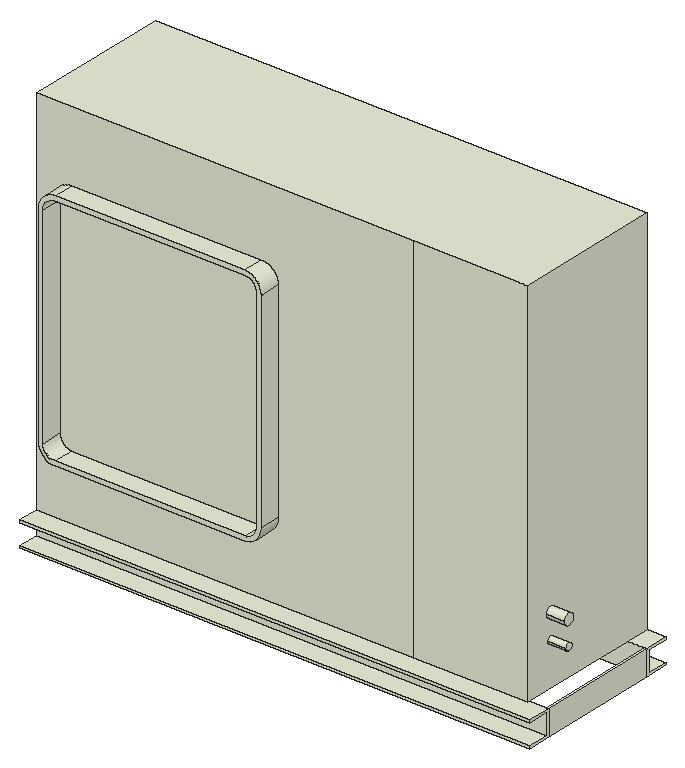
Revit family "Hydrablock 5-7-9 M", category Attrezzatura meccanica, Revit 2022
Family settings
  Quota connettore circolare = Usa diametro
  Tipo di parte = Normale
  Numero OmniClass = 23.75.00.00
  Titolo OmniClass = Climate Control (HVAC)
  Basato su piano di lavoro = No
  Sempre verticale = Sì
  Taglio con vuoti quando caricato = No
  Mantieni orientamento annotazione = No
  Condiviso = No
  Punto di calcolo locali = No
Parameters (values of type "Hydrablock 9 M")
  clearance access right = 600.000 mm
  clearance access left = 600.000 mm
  clearance access front = 1000.000 mm
  clearance access behind = 300.000 mm
  clearance [instance] = no
  Width = 1210.000 mm
  Water piping connections = 25.000 mm
  URL = "https://cac.midea.com/category/Heat-Pump-Water-Heater/M-Thermal-Mono"
  Series = "M-Thermal"
  Prospetto di default = 0.000 mm
  Power supply = "220-240V 1N~50Hz"
  Net Weight = 92.00 kg
  Modello = "MHC-V9W/D2N8"
  Minimum Circuit Amps = 14.1 A
  Min cable selection (power wiring) = "3×4 mm2"
  Produttore = "Midea"
  Machine material = Galvanized Steel
  MOP (Maximum overcurrent protection) = 20 A
  Installation = "Outdoor installation"
  Height = 945.000 mm
  Heating capacity (EWT 40⁰C, LWT 45⁰C) = 8.6 kW
  Heating capacity (EWT 30⁰C, LWT 35⁰C) = 8.6 kW
  Heating Power Input (EWT 40⁰C, LWT 45⁰C) = 2.5 kW
  Heating Power Input (EWT 30⁰C, LWT 35⁰C) = 1.87 kW
  Gas = "R32"
  Drain piping = 16.000 mm
  Descrizione = "High efficiency air cooled"
  Depth = 402.000 mm
  Cooling capacity (EWT 23⁰C, LWT 18⁰C) = 8 kW
  Cooling capacity (EWT 12⁰C, LWT 7⁰C) = 7.95 kW
  Cooling Power Input(EWT 12⁰C, LWT 7⁰C) = 3.149 kW
  Cooling Power Input (EWT 23⁰C, LWT 18⁰C) = 1.923 kW
  Condensation = "air"
  Compressor = "1"
  Casing color = "SB2014"
  Air Flow = 3050 m³/h
Types (4, lengths in mm): name | Modello | Heating capacity (EWT 40⁰C, LWT 45⁰C) | Heating capacity (EWT 30⁰C, LWT 35⁰C) | Heating Power Input (EWT 40⁰C, LWT 45⁰C) | Heating Power Input (EWT 30⁰C, LWT 35⁰C) | Cooling capacity (EWT 23⁰C, LWT 18⁰C) | Cooling capacity (EWT 12⁰C, LWT 7⁰C) | Cooling Power Input(EWT 12⁰C, LWT 7⁰C) | Cooling Power Input (EWT 23⁰C, LWT 18⁰C)
  (no name) | "MHC-V9W/D2N8" | 8.6 kW | 8.6 kW | 2.5 kW | 1.87 kW | 8 kW | 7.95 kW | 3.149 kW | 1.923 kW
  Hydrablock 5 M | "MHC-V5W/D2N8" | 4.8 kW | 4.65 kW | 1.333 kW | 0.93 kW | 4.6 kW | 4.85 kW | 1.628 kW | 0.954 kW
  Hydrablock 7 M | "MHC-V7W/D2N8" | 6.7 kW | 6.65 kW | 1.879 kW | 1.348 kW | 6.45 kW | 6.3 kW | 2.274 kW | 1.387 kW
  Hydrablock 9 M | "MHC-V9W/D2N8" | 8.6 kW | 8.6 kW | 2.5 kW | 1.87 kW | 8 kW | 7.95 kW | 3.149 kW | 1.923 kW
Reference planes
  plane 1 "中心(前/后)": y = 0
  plane 2: z = 0
  plane 3 "中心(左/右)": x = 0
  plane 4: x = 1022.405
Forms (mm)
  Extrusion 1, solid, material "Galvanized Steel" <- "Machine material", detail levels medium+fine
    sketch origin (0, 0, 0) x (1, 0, 0) y (0, 1, 0)
      loop
        line (0, 0) -> (0, -352) -> (895, -352) -> (1164.789, -352) -> (1164.789, 0) -> (0, 0)
    from 60 to 945
  Extrusion 2, solid, material "Galvanized Steel" <- "Machine material", detail levels fine
    sketch origin (0, -12.653, 0) x (0, 1, 0) y (0, 0, 1)
      loop
        circle (-274, 165) r 8
    from 1164.789 to 1210
  Extrusion 3, solid, material "Galvanized Steel" <- "Machine material", detail levels fine
    sketch origin (0, -74.653, 0) x (0, 1, 0) y (0, 0, 1)
      loop
        circle (-212, 224) r 12.5
    from 1164.789 to 1210
  Extrusion 4, solid, material "Galvanized Steel" <- "Machine material", detail levels fine
    sketch origin (1160, -352, -37) x (-1, 0, 0) y (0, 0, -1)
      loop
        arc (1075, -815) -> (1103.284, -803.284) -> (1115, -775) r 40
        line (1115, -775) -> (1115, -281)
        arc (1115, -281) -> (1103.284, -252.716) -> (1075, -241) r 40
        line (1075, -241) -> (627, -241)
        arc (627, -241) -> (598.716, -252.716) -> (587, -281) r 40
        line (587, -281) -> (587, -775)
        arc (587, -775) -> (598.716, -803.284) -> (627, -815) r 40
        line (627, -815) -> (1075, -815)
      loop
        arc (1075, -805) -> (1096.213, -796.213) -> (1105, -775) r 30
        line (1105, -775) -> (1105, -279)
        arc (1105, -279) -> (1096.799, -259.201) -> (1077, -251) r 28
        line (1077, -251) -> (627, -251)
        arc (627, -251) -> (605.849, -259.137) -> (597, -280) r 29.017
        line (597, -280) -> (597, -775)
        arc (597, -775) -> (605.787, -796.213) -> (627, -805) r 30
        line (627, -805) -> (1075, -805)
    from 0 to 50
  Extrusion 5, solid, not visible
    sketch origin (1160, -352, 0) x (-1, 0, 0) y (0, 0, -1)
      loop
        arc (1075, -815) -> (1103.284, -803.284) -> (1115, -775) r 40
        line (1115, -775) -> (1115, -281)
        arc (1115, -281) -> (1103.284, -252.716) -> (1075, -241) r 40
        line (1075, -241) -> (627, -241)
        arc (627, -241) -> (598.716, -252.716) -> (587, -281) r 40
        line (587, -281) -> (587, -775)
        arc (587, -775) -> (598.716, -803.284) -> (627, -815) r 40
        line (627, -815) -> (1075, -815)
      loop
        arc (1075, -805) -> (1096.213, -796.213) -> (1105, -775) r 30
        line (1105, -775) -> (1105, -279)
        arc (1105, -279) -> (1096.799, -259.201) -> (1077, -251) r 28
        line (1077, -251) -> (627, -251)
        arc (627, -251) -> (605.849, -259.137) -> (597, -280) r 29.017
        line (597, -280) -> (597, -775)
        arc (597, -775) -> (605.787, -796.213) -> (627, -805) r 30
        line (627, -805) -> (1075, -805)
    from 0 to 45
  Extrusion 6, solid, material "Galvanized Steel" <- "Machine material", not visible, detail levels fine
    sketch origin (1160, -352, -37) x (-1, 0, 0) y (0, 0, -1)
      loop
        arc (1075, -815) -> (1103.284, -803.284) -> (1115, -775) r 40
        line (1115, -775) -> (1115, -281)
        arc (1115, -281) -> (1103.284, -252.716) -> (1075, -241) r 40
        line (1075, -241) -> (627, -241)
        arc (627, -241) -> (598.716, -252.716) -> (587, -281) r 40
        line (587, -281) -> (587, -775)
        arc (587, -775) -> (598.716, -803.284) -> (627, -815) r 40
        line (627, -815) -> (1075, -815)
      loop
        arc (1075, -805) -> (1096.213, -796.213) -> (1105, -775) r 30
        line (1105, -775) -> (1105, -279)
        arc (1105, -279) -> (1096.799, -259.201) -> (1077, -251) r 28
        line (1077, -251) -> (627, -251)
        arc (627, -251) -> (605.849, -259.137) -> (597, -280) r 29.017
        line (597, -280) -> (597, -775)
        arc (597, -775) -> (605.787, -796.213) -> (627, -805) r 30
        line (627, -805) -> (1075, -805)
    from 0 to 51.5
Lines and regions (mm)
  model lines, detail levels fine
    curve 1: line (603, -352, 945) -> (603, -352, 70)
    curve 2: line (55, -402, 490) -> (563, -402, 490)
    curve 3: line (308, -402, 768) -> (308, -402, 214)
    curve 4: circle (308, -402, 491) r 10 normal (0, -1, 0)
    curve 5: circle (308, -402, 491) r 20 normal (0, -1, 0)
    curve 6: circle (308, -402, 491) r 30 normal (0, -1, 0)
    curve 7: circle (309, -402, 490) r 40 normal (0, -1, 0)
    curve 8: circle (308, -402, 491) r 50 normal (0, -1, 0)
    curve 9: circle (308, -402, 491) r 60 normal (0, -1, 0)
    curve 10: circle (308, -402, 491) r 70 normal (0, -1, 0)
    curve 11: circle (308, -402, 491) r 80 normal (0, -1, 0)
    curve 12: circle (308, -402, 491) r 90 normal (0, -1, 0)
    curve 13: circle (308, -402, 491) r 100 normal (0, -1, 0)
    curve 14: circle (308, -402, 491) r 110 normal (0, -1, 0)
    curve 15: circle (308, -402, 491) r 120 normal (0, -1, 0)
    curve 16: circle (308, -402, 491) r 130 normal (0, -1, 0)
    curve 17: circle (308, -402, 491) r 140 normal (0, -1, 0)
    curve 18: circle (308, -402, 491) r 150 normal (0, -1, 0)
    curve 19: circle (308, -402, 491) r 160 normal (0, -1, 0)
    curve 20: circle (308, -402, 491) r 170 normal (0, -1, 0)
    curve 21: circle (309, -402, 490) r 180 normal (0, -1, 0)
    curve 22: circle (308, -402, 491) r 190 normal (0, -1, 0)
    curve 23: circle (308, -402, 491) r 200 normal (0, -1, 0)
    curve 24: circle (308, -402, 491) r 210 normal (0, -1, 0)
    curve 25: circle (308, -402, 491) r 220 normal (0, -1, 0)
    curve 26: circle (308, -402, 491) r 230 normal (0, -1, 0)
    curve 27: circle (308, -402, 491) r 240 normal (0, -1, 0)
    curve 28: circle (308, -402, 491) r 250 normal (0, -1, 0)
    curve 29: line (83, -402, 214) -> (533, -402, 214)
    curve 30: line (563, -402, 243) -> (563, -402, 738)
    curve 31: line (533, -402, 768) -> (85, -402, 768)
    curve 32: line (55, -402, 738) -> (55, -402, 242)
    curve 33: arc (55, -402, 431.075) -> (312.698, -402, 231.042) -> (563, -402, 440.256) r 260
    curve 34: arc (55, -402, 550.925) -> (312.698, -402, 750.958) -> (563, -402, 541.744) r 260
    curve 35: arc (563, -402, 579.741) -> (310.95, -402, 760.984) -> (55, -402, 585.292) r 270
    curve 36: arc (563, -402, 606.65) -> (476.506, -402, 714.619) -> (348.878, -402, 768) r 280
    curve 37: arc (275.593, -402, 768) -> (144.488, -402, 716.574) -> (55, -402, 607.83) r 280
    curve 38: arc (348.878, -402, 214) -> (476.506, -402, 267.381) -> (563, -402, 375.35) r 280
    curve 39: arc (563, -402, 402.259) -> (310.95, -402, 221.016) -> (55, -402, 396.708) r 270
    curve 40: arc (393.855, -402, 214) -> (492.032, -402, 266.875) -> (563, -402, 352.888) r 290
    curve 41: arc (563, -402, 332.965) -> (502.423, -402, 262.527) -> (423.2, -402, 214) r 300
    curve 42: arc (447.18, -402, 214) -> (511.422, -402, 257.078) -> (563, -402, 314.719) r 310
    curve 43: arc (563, -402, 297.674) -> (519.784, -402, 251.11) -> (468.222, -402, 214) r 320
    curve 44: arc (487.363, -402, 214) -> (527.791, -402, 244.846) -> (563, -402, 281.536) r 330
    curve 45: arc (563, -402, 266.111) -> (535.575, -402, 238.394) -> (505.157, -402, 214) r 340
    curve 46: arc (521.942, -402, 214) -> (543.21, -402, 231.816) -> (563, -402, 251.261) r 350
    curve 47: arc (563, -402, 629.112) -> (492.032, -402, 715.125) -> (393.855, -402, 768) r 290
    curve 48: arc (423.2, -402, 768) -> (502.423, -402, 719.473) -> (563, -402, 649.035) r 300
    curve 49: arc (563, -402, 667.281) -> (511.422, -402, 724.922) -> (447.18, -402, 768) r 310
    curve 50: arc (563, -402, 684.326) -> (519.784, -402, 730.89) -> (468.222, -402, 768) r 320
    curve 51: arc (487.363, -402, 768) -> (527.791, -402, 737.154) -> (563, -402, 700.464) r 330
    curve 52: arc (505.157, -402, 768) -> (535.575, -402, 743.606) -> (563, -402, 715.889) r 340
    curve 53: arc (563, -402, 730.739) -> (543.21, -402, 750.184) -> (521.942, -402, 768) r 350
    curve 54: arc (222.145, -402, 768) -> (125.574, -402, 716.435) -> (55, -402, 632.743) r 290
    curve 55: arc (55, -402, 652.217) -> (115.012, -402, 720.686) -> (192.8, -402, 768) r 300
    curve 56: arc (55, -402, 670.14) -> (105.898, -402, 726.063) -> (168.82, -402, 768) r 310
    curve 57: arc (55, -402, 686.936) -> (97.451, -402, 731.975) -> (147.778, -402, 768) r 320
    curve 58: arc (55, -402, 702.875) -> (89.38, -402, 738.195) -> (128.637, -402, 768) r 330
    curve 59: arc (55, -402, 718.137) -> (81.545, -402, 744.61) -> (110.843, -402, 768) r 340
    curve 60: arc (55, -402, 732.849) -> (73.869, -402, 751.159) -> (94.058, -402, 768) r 350
    curve 61: arc (267.122, -402, 214) -> (141.398, -402, 265.958) -> (55, -402, 371.038) r 280
    curve 62: arc (55, -402, 349.257) -> (125.574, -402, 265.565) -> (222.145, -402, 214) r 290
    curve 63: arc (55, -402, 329.783) -> (115.012, -402, 261.314) -> (192.8, -402, 214) r 300
    curve 64: arc (55, -402, 311.86) -> (105.898, -402, 255.937) -> (168.82, -402, 214) r 310
    curve 65: arc (55, -402, 295.064) -> (97.451, -402, 250.025) -> (147.778, -402, 214) r 320
    curve 66: arc (55, -402, 279.125) -> (89.38, -402, 243.805) -> (128.637, -402, 214) r 330
    curve 67: arc (55, -402, 263.863) -> (81.545, -402, 237.39) -> (110.843, -402, 214) r 340
    curve 68: arc (55, -402, 249.151) -> (73.869, -402, 230.841) -> (94.058, -402, 214) r 350
    curve 69: arc (308, -402, 768) -> (169.5, -402, 629.5) -> (308, -402, 491) r 138.5
    curve 70: arc (308, -402, 491) -> (117.532, -402, 568.764) -> (168.82, -402, 768) r 156.438
    curve 71: arc (348.878, -402, 768) -> (257.458, -402, 639.975) -> (308, -402, 491) r 172.46
    curve 72: arc (308, -402, 491) -> (365.674, -402, 677.961) -> (539.779, -402, 767.224) r 251.861
    curve 73: arc (308, -402, 491) -> (433, -402, 616) -> (558, -402, 491) r 125
    curve 74: arc (308, -402, 491) -> (457.703, -402, 510.429) -> (563, -402, 402.259) r 168.671
    curve 75: arc (308, -402, 491) -> (463.817, -402, 395.324) -> (487.363, -402, 214) r 212.164
    curve 76: arc (308, -402, 491) -> (357.878, -402, 352.5) -> (308, -402, 214) r 217.229
    curve 77: arc (308, -402, 491) -> (256.677, -402, 309.52) -> (94.058, -402, 214) r 252.933
    curve 78: arc (308, -402, 491) -> (180.5, -402, 363.5) -> (53, -402, 491) r 127.5
    curve 79: line (813, -352, 326) -> (813, -352, 551)
    curve 80: line (823, -352, 551) -> (823, -352, 326)
    curve 81: line (813, -352, 551) -> (830.5, -352, 581.311)
    curve 82: line (830.5, -352, 581.311) -> (860.811, -352, 598.811)
    curve 83: line (823, -352, 551) -> (835.5, -352, 572.651)
    curve 84: line (835.5, -352, 572.651) -> (865.811, -352, 590.151)
    curve 85: line (860.811, -352, 598.811) -> (868.311, -352, 611.801)
    curve 86: line (865.811, -352, 590.151) -> (880.811, -352, 590.151)
    curve 87: line (868.311, -352, 611.801) -> (989.554, -352, 681.801)
    curve 88: line (880.811, -352, 590.151) -> (1002.054, -352, 660.151)
    curve 89: arc (989.554, -352, 681.801) -> (1006.63, -352, 677.226) -> (1002.054, -352, 660.151) r 12.5
    curve 90: line (868.311, -352, 670.103) -> (989.554, -352, 740.103)
    curve 91: line (880.811, -352, 648.452) -> (1002.054, -352, 718.452)
    curve 92: arc (989.554, -352, 740.103) -> (1006.63, -352, 735.527) -> (1002.054, -352, 718.452) r 12.5
    curve 93: arc (868.311, -352, 670.103) -> (863.736, -352, 653.027) -> (880.811, -352, 648.452) r 12.5
    curve 94: line (868.311, -352, 725.103) -> (989.554, -352, 795.103)
    curve 95: line (880.811, -352, 703.452) -> (1002.054, -352, 773.452)
    curve 96: arc (868.311, -352, 725.103) -> (863.736, -352, 708.027) -> (880.811, -352, 703.452) r 12.5
    curve 97: line (989.554, -352, 795.103) -> (1004.554, -352, 795.103)
    curve 98: line (1002.054, -352, 773.452) -> (1008.394, -352, 787.047)
    curve 99: line (1004.554, -352, 795.103) -> (1017.136, -352, 807.684)
    curve 100: line (1017.136, -352, 807.684) -> (1020.475, -352, 817.73)
    curve 101: line (1020.475, -352, 817.73) -> (1020.475, -352, 872.73)
    curve 102: line (1030.475, -352, 872.73) -> (1030.475, -352, 815.357)
    curve 103: line (1030.475, -352, 815.357) -> (1025.032, -352, 803.685)
    curve 104: line (1008.394, -352, 787.047) -> (1025.032, -352, 803.685)
    curve 105: line (70, -81.257, 945) -> (1112.384, -81.257, 945)
    curve 106: line (70, -121.257, 945) -> (70, -81.257, 945)
    curve 107: line (1112.384, -121.257, 945) -> (70, -121.257, 945)
    curve 108: line (1112.384, -81.257, 945) -> (1112.384, -121.257, 945)
    curve 109: line (70, -160.743, 945) -> (1112.384, -160.743, 945)
    curve 110: line (70, -200.743, 945) -> (70, -160.743, 945)
    curve 111: line (1112.384, -200.743, 945) -> (70, -200.743, 945)
    curve 112: line (1112.384, -160.743, 945) -> (1112.384, -200.743, 945)
    curve 113: line (70, -240.595, 945) -> (1112.384, -240.595, 945)
    curve 114: line (70, -280.595, 945) -> (70, -240.595, 945)
    curve 115: line (1112.384, -280.595, 945) -> (70, -280.595, 945)
    curve 116: line (1112.384, -240.595, 945) -> (1112.384, -280.595, 945)
    curve 194: line (0, -168, 140) -> (0, -95, 140)
    curve 195: line (0, -95, 140) -> (0, -95, 800)
    curve 196: line (0, -95, 800) -> (0, -168, 800)
    curve 197: line (0, -168, 140) -> (0, -168, 800)
    curve 198: line (0, -213, 786) -> (0, -330, 786)
    curve 199: line (0, -213, 786) -> (0, -213, 326)
    curve 200: line (0, -213, 326) -> (0, -330, 326)
    curve 201: line (0, -330, 786) -> (0, -330, 326)
    curve 291: arc (1030.475, -352, 872.73) -> (1025.475, -352, 877.73) -> (1020.475, -352, 872.73) r 5
    curve 292: arc (823, -352, 326) -> (818, -352, 321) -> (813, -352, 326) r 5
    curve 293: line (696.992, -352, 913.032) -> (1076.992, -352, 913.032)
    curve 294: line (676.992, -352, 133.032) -> (676.992, -352, 893.032)
    curve 295: line (1076.992, -352, 113.032) -> (696.992, -352, 113.032)
    curve 296: line (1096.992, -352, 893.032) -> (1096.992, -352, 133.032)
    curve 297: arc (1096.992, -352, 893.032) -> (1091.134, -352, 907.174) -> (1076.992, -352, 913.032) r 20
    curve 298: arc (676.992, -352, 893.032) -> (682.85, -352, 907.174) -> (696.992, -352, 913.032) r 20
    curve 299: arc (676.992, -352, 133.032) -> (682.85, -352, 118.89) -> (696.992, -352, 113.032) r 20
    curve 300: arc (1096.992, -352, 133.032) -> (1091.134, -352, 118.89) -> (1076.992, -352, 113.032) r 20
  model lines, not visible
    curve 117: line (55, -397, 527) -> (563, -397, 527)
    curve 118: line (308, -397, 805) -> (308, -397, 251)
    curve 119: circle (308, -397, 528) r 10 normal (0, -1, 0)
    curve 120: circle (308, -397, 528) r 20 normal (0, -1, 0)
    curve 121: circle (308, -397, 528) r 30 normal (0, -1, 0)
    curve 122: circle (309, -397, 527) r 40 normal (0, -1, 0)
    curve 123: circle (308, -397, 528) r 50 normal (0, -1, 0)
    curve 124: circle (308, -397, 528) r 60 normal (0, -1, 0)
    curve 125: circle (308, -397, 528) r 70 normal (0, -1, 0)
    curve 126: circle (308, -397, 528) r 80 normal (0, -1, 0)
    curve 127: circle (308, -397, 528) r 90 normal (0, -1, 0)
    curve 128: circle (308, -397, 528) r 100 normal (0, -1, 0)
    curve 129: circle (308, -397, 528) r 110 normal (0, -1, 0)
    curve 130: circle (308, -397, 528) r 120 normal (0, -1, 0)
    curve 131: circle (308, -397, 528) r 130 normal (0, -1, 0)
    curve 132: circle (308, -397, 528) r 140 normal (0, -1, 0)
    curve 133: circle (308, -397, 528) r 150 normal (0, -1, 0)
    curve 134: circle (308, -397, 528) r 160 normal (0, -1, 0)
    curve 135: circle (308, -397, 528) r 170 normal (0, -1, 0)
    curve 136: circle (309, -397, 527) r 180 normal (0, -1, 0)
    curve 137: circle (308, -397, 528) r 190 normal (0, -1, 0)
    curve 138: circle (308, -397, 528) r 200 normal (0, -1, 0)
    curve 139: circle (308, -397, 528) r 210 normal (0, -1, 0)
    curve 140: circle (308, -397, 528) r 220 normal (0, -1, 0)
    curve 141: circle (308, -397, 528) r 230 normal (0, -1, 0)
    curve 142: circle (308, -397, 528) r 240 normal (0, -1, 0)
    curve 143: circle (308, -397, 528) r 250 normal (0, -1, 0)
    curve 144: line (83, -397, 251) -> (533, -397, 251)
    curve 145: line (563, -397, 280) -> (563, -397, 775)
    curve 146: line (533, -397, 805) -> (85, -397, 805)
    curve 147: line (55, -397, 775) -> (55, -397, 279)
    curve 148: arc (55, -397, 468.075) -> (312.698, -397, 268.042) -> (563, -397, 477.256) r 260
    curve 149: arc (55, -397, 587.925) -> (312.698, -397, 787.958) -> (563, -397, 578.744) r 260
    curve 150: arc (563, -397, 616.741) -> (310.95, -397, 797.984) -> (55, -397, 622.292) r 270
    curve 151: arc (563, -397, 643.65) -> (476.506, -397, 751.619) -> (348.878, -397, 805) r 280
    curve 152: arc (275.593, -397, 805) -> (144.488, -397, 753.574) -> (55, -397, 644.83) r 280
    curve 153: arc (348.878, -397, 251) -> (476.506, -397, 304.381) -> (563, -397, 412.35) r 280
    curve 154: arc (563, -397, 439.259) -> (310.95, -397, 258.016) -> (55, -397, 433.708) r 270
    curve 155: arc (393.855, -397, 251) -> (492.032, -397, 303.875) -> (563, -397, 389.888) r 290
    curve 156: arc (563, -397, 369.965) -> (502.423, -397, 299.527) -> (423.2, -397, 251) r 300
    curve 157: arc (447.18, -397, 251) -> (511.422, -397, 294.078) -> (563, -397, 351.719) r 310
    curve 158: arc (563, -397, 334.674) -> (519.784, -397, 288.11) -> (468.222, -397, 251) r 320
    curve 159: arc (487.363, -397, 251) -> (527.791, -397, 281.846) -> (563, -397, 318.536) r 330
    curve 160: arc (563, -397, 303.111) -> (535.575, -397, 275.394) -> (505.157, -397, 251) r 340
    curve 161: arc (521.942, -397, 251) -> (543.21, -397, 268.816) -> (563, -397, 288.261) r 350
    curve 162: arc (563, -397, 666.112) -> (492.032, -397, 752.125) -> (393.855, -397, 805) r 290
    curve 163: arc (423.2, -397, 805) -> (502.423, -397, 756.473) -> (563, -397, 686.035) r 300
    curve 164: arc (563, -397, 704.281) -> (511.422, -397, 761.922) -> (447.18, -397, 805) r 310
    curve 165: arc (563, -397, 721.326) -> (519.784, -397, 767.89) -> (468.222, -397, 805) r 320
    curve 166: arc (487.363, -397, 805) -> (527.791, -397, 774.154) -> (563, -397, 737.464) r 330
    curve 167: arc (505.157, -397, 805) -> (535.575, -397, 780.606) -> (563, -397, 752.889) r 340
    curve 168: arc (563, -397, 767.739) -> (543.21, -397, 787.184) -> (521.942, -397, 805) r 350
    curve 169: arc (222.145, -397, 805) -> (125.574, -397, 753.435) -> (55, -397, 669.743) r 290
    curve 170: arc (55, -397, 689.217) -> (115.012, -397, 757.686) -> (192.8, -397, 805) r 300
    curve 171: arc (55, -397, 707.14) -> (105.898, -397, 763.063) -> (168.82, -397, 805) r 310
    curve 172: arc (55, -397, 723.936) -> (97.451, -397, 768.975) -> (147.778, -397, 805) r 320
    curve 173: arc (55, -397, 739.875) -> (89.38, -397, 775.195) -> (128.637, -397, 805) r 330
    curve 174: arc (55, -397, 755.137) -> (81.545, -397, 781.61) -> (110.843, -397, 805) r 340
    curve 175: arc (55, -397, 769.849) -> (73.869, -397, 788.159) -> (94.058, -397, 805) r 350
    curve 176: arc (267.122, -397, 251) -> (141.398, -397, 302.958) -> (55, -397, 408.038) r 280
    curve 177: arc (55, -397, 386.257) -> (125.574, -397, 302.565) -> (222.145, -397, 251) r 290
    curve 178: arc (55, -397, 366.783) -> (115.012, -397, 298.314) -> (192.8, -397, 251) r 300
    curve 179: arc (55, -397, 348.86) -> (105.898, -397, 292.937) -> (168.82, -397, 251) r 310
    curve 180: arc (55, -397, 332.064) -> (97.451, -397, 287.025) -> (147.778, -397, 251) r 320
    curve 181: arc (55, -397, 316.125) -> (89.38, -397, 280.805) -> (128.637, -397, 251) r 330
    curve 182: arc (55, -397, 300.863) -> (81.545, -397, 274.39) -> (110.843, -397, 251) r 340
    curve 183: arc (55, -397, 286.151) -> (73.869, -397, 267.841) -> (94.058, -397, 251) r 350
    curve 184: arc (308, -397, 805) -> (169.5, -397, 666.5) -> (308, -397, 528) r 138.5
    curve 185: arc (308, -397, 528) -> (117.532, -397, 605.764) -> (168.82, -397, 805) r 156.438
    curve 186: arc (348.878, -397, 805) -> (257.458, -397, 676.975) -> (308, -397, 528) r 172.46
    curve 187: arc (308, -397, 528) -> (365.674, -397, 714.961) -> (539.779, -397, 804.224) r 251.861
    curve 188: arc (308, -397, 528) -> (433, -397, 653) -> (558, -397, 528) r 125
    curve 189: arc (308, -397, 528) -> (457.703, -397, 547.429) -> (563, -397, 439.259) r 168.671
    curve 190: arc (308, -397, 528) -> (463.817, -397, 432.324) -> (487.363, -397, 251) r 212.164
    curve 191: arc (308, -397, 528) -> (357.878, -397, 389.5) -> (308, -397, 251) r 217.229
    curve 192: arc (308, -397, 528) -> (256.677, -397, 346.52) -> (94.058, -397, 251) r 252.933
    curve 193: arc (308, -397, 528) -> (180.5, -397, 400.5) -> (53, -397, 528) r 127.5
  model lines
    curve 202: line (0, -352, 945) -> (0, 0, 945)
    curve 203: line (0, 0, 945) -> (1164.789, 0, 945)
    curve 204: line (1164.789, -352, 945) -> (0, -352, 945)
    curve 205: line (0, -352, 60) -> (0, 0, 60)
    curve 206: line (0, 0, 60) -> (1164.789, 0, 60)
    curve 207: line (1164.789, -352, 60) -> (0, -352, 60)
    curve 208: line (0, 0, 945) -> (0, 0, 60)
    curve 209: line (0, -352, 945) -> (0, -352, 60)
    curve 210: line (1164.789, -352, 945) -> (1164.789, -352, 60)
    curve 211: line (1164.789, -352, 60) -> (1164.789, 0, 60)
    curve 212: line (1164.789, 0, 60) -> (1164.789, 0, 945)
    curve 213: line (1164.789, 0, 945) -> (1164.789, -352, 945)
  model lines, not visible, detail levels fine
    curve 214: line (55, -403.5, 490) -> (563, -403.5, 490)
    curve 215: line (308, -403.5, 768) -> (308, -403.5, 214)
    curve 216: circle (308, -403.5, 491) r 10 normal (0, -1, 0)
    curve 217: circle (308, -403.5, 491) r 20 normal (0, -1, 0)
    curve 218: circle (308, -403.5, 491) r 30 normal (0, -1, 0)
    curve 219: circle (309, -403.5, 490) r 40 normal (0, -1, 0)
    curve 220: circle (308, -403.5, 491) r 50 normal (0, -1, 0)
    curve 221: circle (308, -403.5, 491) r 60 normal (0, -1, 0)
    curve 222: circle (308, -403.5, 491) r 70 normal (0, -1, 0)
    curve 223: circle (308, -403.5, 491) r 80 normal (0, -1, 0)
    curve 224: circle (308, -403.5, 491) r 90 normal (0, -1, 0)
    curve 225: circle (308, -403.5, 491) r 100 normal (0, -1, 0)
    curve 226: circle (308, -403.5, 491) r 110 normal (0, -1, 0)
    curve 227: circle (308, -403.5, 491) r 120 normal (0, -1, 0)
    curve 228: circle (308, -403.5, 491) r 130 normal (0, -1, 0)
    curve 229: circle (308, -403.5, 491) r 140 normal (0, -1, 0)
    curve 230: circle (308, -403.5, 491) r 150 normal (0, -1, 0)
    curve 231: circle (308, -403.5, 491) r 160 normal (0, -1, 0)
    curve 232: circle (308, -403.5, 491) r 170 normal (0, -1, 0)
    curve 233: circle (309, -403.5, 490) r 180 normal (0, -1, 0)
    curve 234: circle (308, -403.5, 491) r 190 normal (0, -1, 0)
    curve 235: circle (308, -403.5, 491) r 200 normal (0, -1, 0)
    curve 236: circle (308, -403.5, 491) r 210 normal (0, -1, 0)
    curve 237: circle (308, -403.5, 491) r 220 normal (0, -1, 0)
    curve 238: circle (308, -403.5, 491) r 230 normal (0, -1, 0)
    curve 239: circle (308, -403.5, 491) r 240 normal (0, -1, 0)
    curve 240: circle (308, -403.5, 491) r 250 normal (0, -1, 0)
    curve 241: line (83, -403.5, 214) -> (533, -403.5, 214)
    curve 242: line (563, -403.5, 243) -> (563, -403.5, 738)
    curve 243: line (533, -403.5, 768) -> (85, -403.5, 768)
    curve 244: line (55, -403.5, 738) -> (55, -403.5, 242)
    curve 245: arc (55, -403.5, 431.075) -> (312.698, -403.5, 231.042) -> (563, -403.5, 440.256) r 260
    curve 246: arc (55, -403.5, 550.925) -> (312.698, -403.5, 750.958) -> (563, -403.5, 541.744) r 260
    curve 247: arc (563, -403.5, 579.741) -> (310.95, -403.5, 760.984) -> (55, -403.5, 585.292) r 270
    curve 248: arc (563, -403.5, 606.65) -> (476.506, -403.5, 714.619) -> (348.878, -403.5, 768) r 280
    curve 249: arc (275.593, -403.5, 768) -> (144.488, -403.5, 716.574) -> (55, -403.5, 607.83) r 280
    curve 250: arc (348.878, -403.5, 214) -> (476.506, -403.5, 267.381) -> (563, -403.5, 375.35) r 280
    curve 251: arc (563, -403.5, 402.259) -> (310.95, -403.5, 221.016) -> (55, -403.5, 396.708) r 270
    curve 252: arc (393.855, -403.5, 214) -> (492.032, -403.5, 266.875) -> (563, -403.5, 352.888) r 290
    curve 253: arc (563, -403.5, 332.965) -> (502.423, -403.5, 262.527) -> (423.2, -403.5, 214) r 300
    curve 254: arc (447.18, -403.5, 214) -> (511.422, -403.5, 257.078) -> (563, -403.5, 314.719) r 310
    curve 255: arc (563, -403.5, 297.674) -> (519.784, -403.5, 251.11) -> (468.222, -403.5, 214) r 320
    curve 256: arc (487.363, -403.5, 214) -> (527.791, -403.5, 244.846) -> (563, -403.5, 281.536) r 330
    curve 257: arc (563, -403.5, 266.111) -> (535.575, -403.5, 238.394) -> (505.157, -403.5, 214) r 340
    curve 258: arc (521.942, -403.5, 214) -> (543.21, -403.5, 231.816) -> (563, -403.5, 251.261) r 350
    curve 259: arc (563, -403.5, 629.112) -> (492.032, -403.5, 715.125) -> (393.855, -403.5, 768) r 290
    curve 260: arc (423.2, -403.5, 768) -> (502.423, -403.5, 719.473) -> (563, -403.5, 649.035) r 300
    curve 261: arc (563, -403.5, 667.281) -> (511.422, -403.5, 724.922) -> (447.18, -403.5, 768) r 310
    curve 262: arc (563, -403.5, 684.326) -> (519.784, -403.5, 730.89) -> (468.222, -403.5, 768) r 320
    curve 263: arc (487.363, -403.5, 768) -> (527.791, -403.5, 737.154) -> (563, -403.5, 700.464) r 330
    curve 264: arc (505.157, -403.5, 768) -> (535.575, -403.5, 743.606) -> (563, -403.5, 715.889) r 340
    curve 265: arc (563, -403.5, 730.739) -> (543.21, -403.5, 750.184) -> (521.942, -403.5, 768) r 350
    curve 266: arc (222.145, -403.5, 768) -> (125.574, -403.5, 716.435) -> (55, -403.5, 632.743) r 290
    curve 267: arc (55, -403.5, 652.217) -> (115.012, -403.5, 720.686) -> (192.8, -403.5, 768) r 300
    curve 268: arc (55, -403.5, 670.14) -> (105.898, -403.5, 726.063) -> (168.82, -403.5, 768) r 310
    curve 269: arc (55, -403.5, 686.936) -> (97.451, -403.5, 731.975) -> (147.778, -403.5, 768) r 320
    curve 270: arc (55, -403.5, 702.875) -> (89.38, -403.5, 738.195) -> (128.637, -403.5, 768) r 330
    curve 271: arc (55, -403.5, 718.137) -> (81.545, -403.5, 744.61) -> (110.843, -403.5, 768) r 340
    curve 272: arc (55, -403.5, 732.849) -> (73.869, -403.5, 751.159) -> (94.058, -403.5, 768) r 350
    curve 273: arc (267.122, -403.5, 214) -> (141.398, -403.5, 265.958) -> (55, -403.5, 371.038) r 280
    curve 274: arc (55, -403.5, 349.257) -> (125.574, -403.5, 265.565) -> (222.145, -403.5, 214) r 290
    curve 275: arc (55, -403.5, 329.783) -> (115.012, -403.5, 261.314) -> (192.8, -403.5, 214) r 300
    curve 276: arc (55, -403.5, 311.86) -> (105.898, -403.5, 255.937) -> (168.82, -403.5, 214) r 310
    curve 277: arc (55, -403.5, 295.064) -> (97.451, -403.5, 250.025) -> (147.778, -403.5, 214) r 320
    curve 278: arc (55, -403.5, 279.125) -> (89.38, -403.5, 243.805) -> (128.637, -403.5, 214) r 330
    curve 279: arc (55, -403.5, 263.863) -> (81.545, -403.5, 237.39) -> (110.843, -403.5, 214) r 340
    curve 280: arc (55, -403.5, 249.151) -> (73.869, -403.5, 230.841) -> (94.058, -403.5, 214) r 350
    curve 281: arc (308, -403.5, 768) -> (169.5, -403.5, 629.5) -> (308, -403.5, 491) r 138.5
    curve 282: arc (308, -403.5, 491) -> (117.532, -403.5, 568.764) -> (168.82, -403.5, 768) r 156.438
    curve 283: arc (348.878, -403.5, 768) -> (257.458, -403.5, 639.975) -> (308, -403.5, 491) r 172.46
    curve 284: arc (308, -403.5, 491) -> (365.674, -403.5, 677.961) -> (539.779, -403.5, 767.224) r 251.861
    curve 285: arc (308, -403.5, 491) -> (433, -403.5, 616) -> (558, -403.5, 491) r 125
    curve 286: arc (308, -403.5, 491) -> (457.703, -403.5, 510.429) -> (563, -403.5, 402.259) r 168.671
    curve 287: arc (308, -403.5, 491) -> (463.817, -403.5, 395.324) -> (487.363, -403.5, 214) r 212.164
    curve 288: arc (308, -403.5, 491) -> (357.878, -403.5, 352.5) -> (308, -403.5, 214) r 217.229
    curve 289: arc (308, -403.5, 491) -> (256.677, -403.5, 309.52) -> (94.058, -403.5, 214) r 252.933
    curve 290: arc (308, -403.5, 491) -> (180.5, -403.5, 363.5) -> (53, -403.5, 491) r 127.5
Dimensions and locks
  "Height": Extrusion 1 to level
  "Width": Extrusion 1 to Extrusion 3
  "Depth": Extrusion 1 to Extrusion 4
  "Drain piping": diameter of Extrusion 2
  "Water piping connections": diameter of Extrusion 3
  aligned and locked: level to plane 2
Automatic sketch dimensions
  level to curve 194 = 140.000 mm
  curve 198 to curve 199 = 117.000 mm
  plane 1 "中心(前/后)" to curve 197 = 168.000 mm
  curve 194 to curve 195 = 73.000 mm
  curve 194 to curve 199 = 186.000 mm
  curve 200 to curve 198 = 460.000 mm
  curve 198 to curve 195 = 14.000 mm
  Extrusion 4 sketch curve to Extrusion 4 sketch curve = 0.000 mm  (x9)
  Extrusion 4 sketch curve to Extrusion 4 sketch curve = 10.000 mm
  Extrusion 4 sketch curve to Extrusion 4 sketch curve = 30.000 mm  (x3)
  Extrusion 4 sketch curve to Extrusion 4 sketch curve = 2.000 mm
  Extrusion 4 sketch curve to Extrusion 4 sketch curve = 28.000 mm
  Extrusion 4 sketch curve to Extrusion 4 sketch curve = 0.983 mm
  Extrusion 4 sketch curve to Extrusion 4 sketch curve = 1.000 mm
  Extrusion 1 to curve 209 = 0.000 mm
  curve 209 to Extrusion 1 = 0.000 mm  (x2)
  curve 208 to Extrusion 1 = 0.000 mm  (x3)
  plane 1 "中心(前/后)" to Extrusion 2 sketch curve = 286.653 mm
  level to Extrusion 2 sketch curve = 165.000 mm
  plane 1 "中心(前/后)" to Extrusion 3 sketch curve = 286.653 mm
  level to Extrusion 3 sketch curve = 224.000 mm
  plane 1 "中心(前/后)" to curve 201 = 330.000 mm
  Extrusion 1 sketch curve to plane 3 "中心(左/右)" = 0.000 mm
  Extrusion 1 sketch curve to plane 4 = 142.384 mm
  plane 1 "中心(前/后)" to Extrusion 1 sketch curve = 352.000 mm
  plane 4 to Extrusion 1 sketch curve = 127.405 mm
  plane 1 "中心(前/后)" to Extrusion 1 sketch curve = 0.000 mm
  curve 203 to Extrusion 1 = 0.000 mm  (x3)
  curve 202 to Extrusion 1 = 0.000 mm
  curve 204 to Extrusion 1 = 0.000 mm
  curve 107 to Extrusion 1 = 70.000 mm
  curve 115 to Extrusion 1 = 70.000 mm
  curve 109 to curve 106 = 0.000 mm
  curve 112 to Extrusion 1 = 52.405 mm
  curve 113 to curve 111 = 0.000 mm
  curve 108 to curve 109 = 0.000 mm
  curve 116 to Extrusion 1 = 71.405 mm
  curve 115 to curve 116 = 40.000 mm
  curve 113 to curve 110 = 39.852 mm
  curve 110 to curve 110 = 40.000 mm
  curve 109 to curve 108 = 39.486 mm
  curve 107 to curve 108 = 40.000 mm
  curve 205 to Extrusion 1 = 0.000 mm
  curve 207 to Extrusion 1 = 0.000 mm  (x2)
  curve 206 to Extrusion 1 = 0.000 mm  (x2)
  curve 211 to Extrusion 1 = 0.000 mm  (x2)
  curve 213 to Extrusion 1 = 0.000 mm
  Extrusion 1 to curve 212 = 0.000 mm
  Extrusion 4 sketch curve to Extrusion 4 sketch curve = 448.000 mm
  Extrusion 4 sketch curve to Extrusion 4 sketch curve = 494.000 mm
  Extrusion 6 sketch curve to Extrusion 6 sketch curve = 0.000 mm  (x9)
  Extrusion 6 sketch curve to Extrusion 6 sketch curve = 10.000 mm
  Extrusion 6 sketch curve to Extrusion 6 sketch curve = 30.000 mm  (x3)
  Extrusion 6 sketch curve to Extrusion 6 sketch curve = 2.000 mm
  Extrusion 6 sketch curve to Extrusion 6 sketch curve = 28.000 mm
  Extrusion 6 sketch curve to Extrusion 6 sketch curve = 0.983 mm
  Extrusion 6 sketch curve to Extrusion 6 sketch curve = 1.000 mm
  Extrusion 6 sketch curve to Extrusion 6 sketch curve = 448.000 mm
  Extrusion 6 sketch curve to Extrusion 6 sketch curve = 494.000 mm
  Extrusion 1 to curve 103 = 135.475 mm
  Extrusion 1 to curve 101 = 127.270 mm
  curve 1 to Extrusion 1 = 0.000 mm
  curve 102 to curve 103 = 5.443 mm
  curve 102 to curve 101 = 10.000 mm
  curve 103 to curve 100 = 7.896 mm
  curve 99 to curve 98 = 8.742 mm
  curve 98 to curve 97 = 3.839 mm
  curve 98 to curve 95 = 6.339 mm
  curve 95 to curve 91 = 0.000 mm
  curve 91 to curve 88 = 0.000 mm
  curve 92 to curve 90 = 12.500 mm
  curve 97 to curve 97 = 15.000 mm
  curve 89 to curve 87 = 12.500 mm
  curve 91 to Extrusion 1 = 14.189 mm
  curve 86 to Extrusion 1 = 14.189 mm
  curve 95 to Extrusion 1 = 14.189 mm
  curve 93 to curve 90 = 12.500 mm
  curve 96 to curve 94 = 12.500 mm
  curve 86 to curve 85 = 12.500 mm
  curve 86 to curve 86 = 15.000 mm
  curve 84 to curve 82 = 5.000 mm
  curve 84 to curve 84 = 30.311 mm
  curve 83 to curve 81 = 5.000 mm
  curve 83 to curve 83 = 12.500 mm
  curve 80 to curve 79 = 10.000 mm
  curve 92 to curve 92 = 6.250 mm
  curve 89 to curve 89 = 6.250 mm
  curve 93 to curve 90 = 6.250 mm
  curve 95 to curve 96 = 6.250 mm
  curve 1 to Extrusion 1 = 292.000 mm
  curve 100 to curve 103 = 2.373 mm
  curve 100 to curve 99 = 10.046 mm
  curve 99 to curve 103 = 3.999 mm
  curve 99 to curve 97 = 12.581 mm
  curve 97 to curve 104 = 8.056 mm
  curve 98 to curve 95 = 13.595 mm
  curve 95 to curve 90 = 33.349 mm  (x2)
  curve 90 to curve 94 = 15.000 mm
  curve 90 to curve 91 = 21.651 mm  (x2)
  curve 96 to curve 95 = 21.651 mm
  curve 92 to curve 87 = 36.651 mm
  curve 87 to curve 88 = 21.651 mm
  curve 93 to curve 85 = 36.651 mm
  curve 85 to curve 85 = 12.990 mm
  curve 82 to curve 88 = 8.660 mm
  curve 82 to curve 82 = 17.500 mm
  curve 81 to curve 83 = 8.660 mm
  curve 83 to curve 79 = 21.651 mm
  curve 83 to curve 79 = 0.000 mm
  curve 101 to curve 100 = 55.000 mm
  curve 102 to curve 101 = 0.000 mm
  curve 79 to curve 79 = 225.000 mm
  curve 80 to curve 79 = 0.000 mm
  Extrusion 1 to curve 1 = 10.000 mm
  curve 296 to Extrusion 1 = 67.797 mm
  curve 297 to curve 297 = 20.000 mm
  curve 300 to curve 300 = 20.000 mm
  curve 297 to curve 291 = 46.517 mm
  curve 291 to curve 291 = 5.000 mm
  curve 292 to Extrusion 1 = 72.000 mm
  curve 292 to curve 292 = 5.000 mm
  curve 299 to curve 299 = 20.000 mm
  curve 298 to curve 298 = 20.000 mm
  curve 297 to curve 291 = 20.302 mm
  curve 292 to curve 299 = 192.968 mm
  Extrusion 1 to curve 295 = 53.032 mm
  Extrusion 1 to curve 293 = 31.968 mm
  curve 293 to Extrusion 1 = 198.008 mm
  plane 3 "中心(左/右)" to Extrusion 4 sketch curve = 573.000 mm
  level to Extrusion 4 sketch curve = 778.000 mm
  curve 4 to curve 5 = 0.000 mm  (x2)
  curve 4 to curve 6 = 0.000 mm  (x2)
  curve 4 to curve 8 = 0.000 mm  (x2)
  curve 4 to curve 9 = 0.000 mm  (x2)
  curve 4 to curve 10 = 0.000 mm  (x2)
  curve 4 to curve 11 = 0.000 mm  (x2)
  curve 4 to curve 12 = 0.000 mm  (x2)
  curve 4 to curve 13 = 0.000 mm  (x2)
  curve 4 to curve 14 = 0.000 mm  (x2)
  curve 4 to curve 15 = 0.000 mm  (x2)
  curve 4 to curve 16 = 0.000 mm  (x2)
  curve 4 to curve 17 = 0.000 mm  (x2)
  curve 4 to curve 18 = 0.000 mm  (x2)
  curve 4 to curve 19 = 0.000 mm  (x2)
  curve 4 to curve 20 = 0.000 mm  (x2)
  curve 4 to curve 22 = 0.000 mm  (x2)
  curve 4 to curve 23 = 0.000 mm  (x2)
  curve 4 to curve 24 = 0.000 mm  (x2)
  curve 4 to curve 25 = 0.000 mm  (x2)
  curve 4 to curve 26 = 0.000 mm  (x2)
  curve 4 to curve 27 = 0.000 mm  (x2)
  curve 4 to curve 28 = 0.000 mm  (x2)
  curve 4 to curve 33 = 0.000 mm  (x2)
  curve 4 to curve 34 = 0.000 mm  (x2)
  curve 4 to curve 35 = 0.000 mm  (x2)
  curve 4 to curve 36 = 0.000 mm  (x2)
  curve 4 to curve 38 = 0.000 mm  (x2)
  curve 4 to curve 39 = 0.000 mm  (x2)
  curve 4 to curve 40 = 0.000 mm  (x2)
  curve 4 to curve 41 = 0.000 mm  (x2)
  curve 4 to curve 42 = 0.000 mm  (x2)
  curve 4 to curve 43 = 0.000 mm  (x2)
  curve 4 to curve 44 = 0.000 mm
  curve 4 to curve 45 = 0.000 mm  (x2)
  curve 4 to curve 46 = 0.000 mm  (x2)
  curve 4 to curve 47 = 0.000 mm  (x2)
  curve 4 to curve 48 = 0.000 mm  (x2)
  curve 4 to curve 49 = 0.000 mm  (x2)
  curve 4 to curve 50 = 0.000 mm  (x2)
  curve 4 to curve 51 = 0.000 mm  (x2)
  curve 4 to curve 52 = 0.000 mm  (x2)
  curve 4 to curve 53 = 0.000 mm  (x2)
  curve 4 to curve 54 = 0.000 mm  (x2)
  curve 4 to curve 55 = 0.000 mm  (x2)
  curve 4 to curve 56 = 0.000 mm
  curve 4 to curve 57 = 0.000 mm  (x2)
  curve 4 to curve 58 = 0.000 mm  (x2)
  curve 4 to curve 59 = 0.000 mm  (x2)
  curve 4 to curve 60 = 0.000 mm  (x2)
  curve 4 to curve 61 = 0.000 mm  (x2)
  curve 4 to curve 62 = 0.000 mm  (x2)
  curve 4 to curve 63 = 0.000 mm  (x2)
  curve 4 to curve 64 = 0.000 mm  (x2)
  curve 4 to curve 65 = 0.000 mm  (x2)
  curve 4 to curve 66 = 0.000 mm  (x2)
  curve 4 to curve 67 = 0.000 mm  (x2)
  curve 4 to curve 68 = 0.000 mm
  curve 7 to curve 21 = 0.000 mm  (x2)
  curve 7 to curve 37 = 0.000 mm  (x2)
  curve 44 to curve 67 = 0.000 mm
  curve 54 to curve 68 = 0.000 mm
  curve 56 to curve 68 = 0.000 mm
  Extrusion 4 to curve 47 = 0.000 mm
  curve 62 to Extrusion 4 = 0.000 mm
  curve 54 to Extrusion 4 = 0.000 mm
  curve 59 to Extrusion 4 = 0.000 mm
  Extrusion 4 to curve 72 = 4.389 mm
  Extrusion 4 to curve 73 = 5.000 mm
  Extrusion 4 to curve 72 = 0.776 mm
  Extrusion 4 to curve 72 = 23.221 mm
  curve 72 to curve 31 = 6.779 mm
  Extrusion 4 to curve 29 = 30.000 mm
  curve 29 to curve 46 = 11.058 mm
  curve 31 to curve 53 = 11.058 mm
  curve 46 to curve 45 = 16.784 mm
  curve 53 to curve 52 = 16.784 mm
  curve 52 to curve 51 = 17.795 mm
  curve 45 to curve 44 = 17.795 mm
  curve 75 to curve 44 = 0.000 mm  (x2)
  curve 44 to curve 43 = 19.141 mm
  curve 51 to curve 50 = 19.141 mm
  curve 43 to curve 42 = 21.042 mm
  curve 50 to curve 49 = 21.042 mm
  curve 73 to curve 71 = 4.930 mm
  curve 49 to curve 48 = 23.980 mm
  curve 42 to curve 41 = 23.980 mm
  curve 41 to curve 74 = 20.935 mm
  curve 41 to curve 40 = 29.345 mm
  curve 48 to curve 47 = 29.345 mm
  curve 47 to curve 71 = 44.977 mm
  curve 36 to curve 71 = 0.000 mm
  curve 40 to curve 38 = 44.977 mm
  curve 21 to curve 73 = 1.000 mm
  curve 38 to curve 76 = 40.878 mm
  curve 76 to curve 75 = 22.272 mm
  curve 3 to curve 37 = 32.407 mm
  curve 3 to curve 61 = 40.878 mm
  curve 69 to curve 70 = 50.684 mm
  curve 61 to curve 62 = 44.977 mm
  curve 37 to curve 54 = 53.448 mm
  curve 54 to curve 55 = 29.345 mm
  curve 62 to curve 63 = 29.345 mm
  Extrusion 4 to curve 78 = 125.500 mm
  curve 55 to curve 70 = 23.980 mm
  curve 63 to curve 64 = 23.980 mm
  curve 56 to curve 70 = 0.000 mm
  curve 64 to curve 65 = 21.042 mm
  curve 70 to curve 57 = 21.042 mm
  Extrusion 4 to curve 76 = 85.649 mm
  curve 57 to curve 58 = 19.141 mm
  curve 65 to curve 66 = 19.141 mm
  curve 58 to curve 59 = 17.795 mm
  curve 66 to curve 67 = 17.795 mm
  curve 59 to curve 60 = 16.784 mm
  curve 67 to curve 68 = 16.784 mm
  curve 77 to curve 68 = 0.000 mm
  curve 60 to curve 31 = 9.058 mm
  curve 68 to curve 29 = 11.058 mm
  Extrusion 4 to curve 77 = 1.499 mm
  Extrusion 4 to curve 30 = 30.000 mm
  Extrusion 4 to curve 32 = 30.000 mm
  curve 32 to curve 60 = 5.151 mm
  Extrusion 4 to curve 70 = 129.000 mm
  curve 70 to curve 69 = 9.500 mm
  curve 69 to curve 71 = 14.703 mm
  curve 54 to curve 37 = 24.912 mm
  curve 37 to curve 35 = 22.538 mm
  curve 35 to curve 34 = 34.367 mm
  curve 34 to curve 72 = 25.677 mm
  curve 71 to curve 73 = 123.797 mm
  curve 34 to curve 78 = 59.925 mm
  curve 76 to curve 70 = 0.000 mm
  curve 74 to curve 4 = 0.000 mm
  curve 75 to curve 69 = 0.000 mm
  curve 77 to curve 72 = 0.000 mm
  curve 73 to curve 2 = 1.000 mm
  curve 2 to curve 33 = 49.744 mm
  curve 74 to curve 38 = 26.909 mm
  curve 39 to curve 74 = 0.000 mm
  curve 46 to curve 30 = 8.261 mm
  curve 68 to curve 32 = 7.151 mm
  radius of Extrusion 2 sketch curve = 8.000 mm
  radius of Extrusion 3 sketch curve = 12.500 mm
  radius of curve 4 = 10.000 mm
  radius of curve 5 = 20.000 mm
  radius of curve 6 = 30.000 mm
  radius of curve 7 = 40.000 mm
  radius of curve 8 = 50.000 mm
  radius of curve 9 = 60.000 mm
  radius of curve 10 = 70.000 mm
  radius of curve 11 = 80.000 mm
  radius of curve 12 = 90.000 mm
  radius of curve 13 = 100.000 mm
  radius of curve 14 = 110.000 mm
  radius of curve 15 = 120.000 mm
  radius of curve 16 = 130.000 mm
  radius of curve 17 = 140.000 mm
  radius of curve 18 = 150.000 mm
  radius of curve 19 = 160.000 mm
  radius of curve 20 = 170.000 mm
  radius of curve 21 = 180.000 mm
  radius of curve 22 = 190.000 mm
  radius of curve 23 = 200.000 mm
  radius of curve 24 = 210.000 mm
  radius of curve 25 = 220.000 mm
  radius of curve 26 = 230.000 mm
  radius of curve 27 = 240.000 mm
Nested families
  nested 1: "Midea service space" at (0, -1402, 0), visible <- "clearance", Height <- "Height", type "Midea Service  Space"
    with Width 1210.000 mm, Height 945.000 mm, Depth 1000.000 mm
  nested 2: "Midea service space" at (-600, -402, 0), visible <- "clearance", Height <- "Height", type "Midea Service  Space"
    with Width 600.000 mm, Height 945.000 mm, Depth 402.000 mm
  nested 3: "Midea service space" at (0, 0, 0), visible <- "clearance", Height <- "Height", type "Midea Service  Space"
    with Width 1210.000 mm, Height 945.000 mm, Depth 300.000 mm
  nested 4: "Midea service space" at (1210, -402, 0), visible <- "clearance", Height <- "Height", type "Midea Service  Space"
    with Width 300.000 mm, Height 945.000 mm, Depth 402.000 mm
  nested 5: "dadijia" at (605, -200.743, 0) x (0, 1, 0) z (0, 0, 1), type "dadijia", detail levels fine
Connectors
  piping at (1210, -286.653, 224), diameter 25
    settings: on Extrusion 3, index 1, connector inside diameter 25 mm, connector length 0.000 mm, flow factor 0, pipe flow 0.0 m³/h, pressure drop 0.0 Pa, fitting loss kfactor 0, connector angle 0.00°, fixture units 0, engagement length 0.000 mm, angle of deflection 0.00°, flow configuration 1, flow direction 0, fitting loss method 4, system type 22, joint type 0, gender type 0, connector reference index -1, connector utility 0, adjustable connector no, is connector primary yes, connector description "Water piping connections"
  piping at (1210, -286.653, 165), diameter 16
    settings: on Extrusion 2, index 2, connector inside diameter 16 mm, connector length 0.000 mm, flow factor 0, pipe flow 0.0 m³/h, pressure drop 0.0 Pa, fitting loss kfactor 0, connector angle 0.00°, fixture units 0, engagement length 0.000 mm, angle of deflection 0.00°, flow configuration 1, flow direction 0, fitting loss method 4, system type 22, joint type 0, gender type 0, connector reference index -1, connector utility 0, adjustable connector no, is connector primary no, connector description "Drain piping"
  electrical at (1164.789, -176, 502.5)
    settings: on Extrusion 1, index 3, voltage 220 V, apparent load 0 VA, apparent load phase1 0 VA, apparent load phase2 0 VA, apparent load phase3 0 VA, power factor 1, load classification "Other", number of poles 1, system type 30, power factor state 1, is connector primary yes, connector utility no, sub classification motor no, connector description "The location of electrical connectors is not the same as the actual location because the wiring terminal is inside the unit."
Definition of nested family "Midea service space"
  Parameters
    Width [instance] = 500.000 mm
    Default Elevation = 0.000 mm
    Height [instance] = 500.000 mm
    Depth [instance] = 500.000 mm
  Reference planes
    plane 1 "Center (Front/Back)": y = 0
    plane 2: z = 0
    plane 3 "Center (Left/Right)": x = 0
    plane 4: z = 500
    plane 5: y = 500
    plane 6: x = 500
  Forms (mm)
    Extrusion 1, solid
      sketch origin (0, 0, 0) x (1, 0, 0) y (0, 1, 0)
        loop
          line (0, 500) -> (0, 0) -> (500, 0) -> (500, 500) -> (0, 500)
      from 0 to 500
  Dimensions and locks
    "Width": plane 3 "Center (Left/Right)" to plane 6
    "Depth": plane 5 to plane 1 "Center (Front/Back)"
    "Height": level to plane 4
    aligned and locked: level to plane 2
    aligned and locked: plane 5 to Extrusion 1
    aligned and locked: Extrusion 1 to plane 6
    aligned and locked: Extrusion 1 to plane 3 "Center (Left/Right)"
    aligned and locked: plane 1 "Center (Front/Back)" to Extrusion 1
    aligned and locked: Extrusion 1 to plane 4
  Automatic sketch dimensions
    Extrusion 1 sketch curve to plane 3 "Center (Left/Right)" = 0.000 mm
    plane 1 "Center (Front/Back)" to Extrusion 1 sketch curve = 0.000 mm
    Extrusion 1 sketch curve to plane 6 = 0.000 mm
    Extrusion 1 sketch curve to plane 5 = 0.000 mm
Definition of nested family "dadijia"
  Parameters
    height2 = height - 10.000 mm  # 50.000 mm
    height = 60.000 mm
    Default Elevation = 0.000 mm
    Machine material = none
  Reference planes
    plane 1 "Center (Front/Back)": y = 0
    plane 2: z = 0
    plane 3 "Center (Left/Right)": x = 0
    plane 4: x = 201
    plane 5: x = -201
    plane 6: z = 60
    plane 7: x = 145
    plane 8: x = -145
  Forms (mm)
    Extrusion 1, solid, material <- "Machine material"
      sketch origin (0, 0, 0) x (1, 0, 0) y (0, 0, 1)
        loop
          line (-201, 60) -> (-201, 55) -> (-151, 55) -> (-151, 5) -> (-201, 5) -> (-201, 0) -> (-145, 0) -> (-145, 60) -> (-201, 60)
        loop
          line (201, 60) -> (145, 60) -> (145, 0) -> (201, 0) -> (201, 5) -> (151, 5) -> (151, 55) -> (201, 55) -> (201, 60)
      from -605 to 605
    Extrusion 2, solid, material <- "Machine material"
      sketch origin (0, 0, 0) x (1, 0, 0) y (0, 1, 0)
        loop
          line (-145, 605) -> (-145, 595) -> (145, 595) -> (145, 605) -> (-145, 605)
        loop
          line (145, -605) -> (145, -600) -> (-145, -600) -> (-145, -605) -> (145, -605)
      from 0 to 60
  Dimensions and locks
    Extrusion 1 to Extrusion 1 = 1210.000 mm
    Extrusion 1 to Extrusion 1 = 402.000 mm
    aligned and locked: level to plane 2
